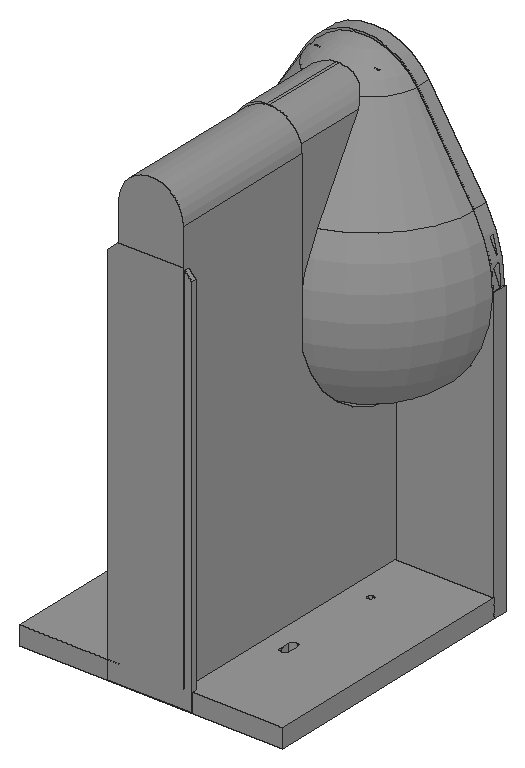
Revit family "Toilet-Willoughby-1490-ASETWS-FM-FA-BS", category Plumbing Fixtures, Revit 2015
Parameters (values of type "Standard")
  Waste DIA = 2 3/8"
  Waste Connection = yes
  W-RAD [instance] = Waste DIA / 2  # 0' - 1 3/16"
  Vent Connection = no
  URL = "https://www.willoughby-ind.com/wp-content/uploads/2018/01/ASETWS-1490-FM-FA.pdf"
  Type Comments = ""
  Revision = "A"
  Model = "ASETWS-1490-FM-FA-BS"
  Manufacturer = "Willoughby Industries"
  HW Connection = no
  Flush inlet DIA = 1 1/2"
  Flush Inlet Connection = yes
  Fixture Body = Stainless Steel AISI 304-Willoughby
  F-RAD [instance] = Flush inlet DIA / 2  # 0' - 0 3/4"
  Description = "Ligature resistant, Wall Outlet, Floor Mounted siphon jet Toilet, Front Access, Back Spud"
  Default Elevation = 0' - 0"
  Contact Number = "(800) 428-4065"
  CW Connection = no
Reference planes (in)
  plane 1 "Base": y = -16.25
  plane 2: z = 0
  plane 3 "Center": x = 18.31072
  plane 4 "ref": y = -4.75
  plane 5: y = -1.25
  plane 6: z = -6.75
  plane 7: y = -2.125
  plane 8: y = -14.0625
  plane 9: y = 0.5
  plane 10: x = 16.56072
  plane 11: x = 20.06072
  plane 12: x = 11.56072
  plane 13: x = 25.06072
  plane 14: z = -3
  plane 15: z = 25
  plane 16 "Waste HGT": y = -10.75
  plane 17: y = -3.125
Forms (in)
  Extrusion 1, solid, material "Stainless Steel AISI 304-Willoughby" <- "Fixture Body"
    sketch origin (16.08109, 7.47968, -7.1422) x (-1, 0, 0) y (0, 0, -1)
      loop
        line (4.79775, -22.86304) -> (4.83287, -22.86304) -> (4.83287, -7.1422) -> (-2.22963, -7.1422) -> (-9.29213, -7.1422) -> (-9.29213, -22.86304) -> (-9.20225, -22.86304)
        arc (-9.20225, -22.86304) -> (-8.94967, -24.72647) -> (-8.21015, -26.45542) r 7
        line (-8.21015, -26.45542) -> (-5.16818, -31.31054)
        arc (-5.16818, -31.31054) -> (-2.20225, -32.95225) -> (0.76368, -31.31054) r 3.5
        line (0.76368, -31.31054) -> (3.80565, -26.45542)
        arc (3.80565, -26.45542) -> (4.54517, -24.72647) -> (4.79775, -22.86304) r 7
      loop
        arc (2.03989, -24.70557) -> (-2.20225, -18.23804) -> (-6.44438, -24.70557) r 4.625
        line (-6.44438, -24.70557) -> (-4.04125, -30.23842)
        arc (-4.04125, -30.23842) -> (-2.20225, -31.45225) -> (-0.36324, -30.23842) r 2
        line (-0.36324, -30.23842) -> (2.03989, -24.70557)
    from 8.72968 to 9.5
  Revolve 2, solid, material "Stainless Steel AISI 304-Willoughby" <- "Fixture Body"
    sketch origin (19.37246, -1.52032, -3.93826) x (-1, 0, 0) y (0, 0, -1)
      loop
        line (1.06174, -12.59906) -> (1.06174, -12.84906)
        arc (1.06174, -12.84906) -> (6.96784, -16.33096) -> (6.78077, -23.18447) r 6.75
        line (6.78077, -23.18447) -> (3.81535, -27.91457)
        arc (3.81535, -27.91457) -> (2.63527, -29.03194) -> (1.06174, -29.43826) r 3.25
        line (1.06174, -29.43826) -> (1.06174, -29.68826)
        arc (1.06174, -29.68826) -> (2.75672, -29.25045) -> (4.02767, -28.04656) r 3.5
        line (4.02767, -28.04656) -> (7.06964, -23.19143)
        arc (7.06964, -23.19143) -> (7.15052, -16.14555) -> (1.06174, -12.59906) r 7
      axis (1.06174, -12.59906) -> (1.06174, -29.68826)
    angle from 0 to -180
  Extrusion 3, solid, material "Stainless Steel AISI 304-Willoughby" <- "Fixture Body"
    sketch origin (19.53334, -3.02032, -4.9508) x (0, 1, 0) y (0, 0, 1)
      loop
        line (-5.27082, 4.9508) -> (1, 4.9508) -> (1, 13.76086)
        arc (1, 13.76086) -> (-2.93256, 15.26109) -> (-5.27082, 18.76086) r 6.92744
        line (-5.27082, 18.76086) -> (-5.27082, 4.9508)
    from 0.52738 to -2.97262
  Extrusion 4, solid, material "Stainless Steel AISI 304-Willoughby" <- "Fixture Body"
    sketch origin (0, 8.59309, -3) x (1, 0, 0) y (0, 1, 0)
      loop
        circle (18.31072, -19.34309) r 1.1875
    from 5.5 to 0
  Extrusion 5, solid, material "Stainless Steel AISI 304-Willoughby" <- "Fixture Body"
    sketch origin (0, -3.625, 0) x (1, 0, 0) y (0, 1, 0)
      loop
        circle (18.31072, 0.5) r 0.75
    from 0 to 1
  Extrusion 6, solid, material "Stainless Steel AISI 304-Willoughby" <- "Fixture Body"
    sketch origin (0, -16.25, 0) x (1, 0, 0) y (0, 0, 1)
      loop
        line (11.24822, 0) -> (25.37322, 0) -> (25.37322, 0.99998) -> (11.24822, 0.99998) -> (11.24822, 0)
    from -14.22968 to 0
  Extrusion 7, solid, material "Stainless Steel AISI 304-Willoughby" <- "Fixture Body"
    sketch origin (0, -16.25, 0) x (1, 0, 0) y (0, 0, 1)
      loop
        line (20.06072, 0) -> (20.06072, 23.28412)
        arc (20.06072, 23.28412) -> (18.31072, 25.03412) -> (16.56072, 23.28412) r 1.75
        line (16.56072, 23.28412) -> (16.56072, 0) -> (20.06072, 0)
    from 0 to -7.95886
  Extrusion 8, solid, material "Stainless Steel AISI 304-Willoughby" <- "Fixture Body"
    sketch origin (-0.06578, -16.25, 7) x (1, 0, 0) y (0, 0, 1)
      loop
        line (20.06072, -7) -> (20.56072, -7) -> (20.56072, 13.75) -> (20.06072, 14.25) -> (16.56072, 14.25) -> (16.06072, 13.75) -> (16.06072, -7) -> (16.56072, -7) -> (20.06072, -7)
    from 0 to -0.25
  Extrusion 9, solid, material "Stainless Steel AISI 304-Willoughby" <- "Fixture Body"
    sketch origin (18.31072, 0, 0) x (0, 1, 0) y (0, 0, 1)
      loop
        line (-3.0438, 25.03193) -> (-8.29114, 25.03193) -> (-8.29114, 16.73622)
        arc (-8.29114, 16.73622) -> (-8.25839, 17.11069) -> (-8.16113, 17.47379) r 2.15729
        arc (-8.16113, 17.47379) -> (-7.78826, 18.37428) -> (-7.33828, 19.23882) r 11.16687
        arc (-7.33828, 19.23882) -> (-5.85557, 21.70663) -> (-4.28753, 24.12112) r 82.3759
        arc (-4.28753, 24.12112) -> (-3.71235, 24.64027) -> (-3.0438, 25.03193) r 3.79911
    from 1.75 to -1.75
  Extrusion 10, void
    sketch origin (0, -16.25, 0) x (1, 0, 0) y (0, 0, 1)
      loop
        arc (16.43207, 23.28193) -> (16.94463, 24.51936) -> (18.18207, 25.03193) r 1.75
        line (18.18207, 25.03193) -> (16.43207, 25.03193) -> (16.43207, 23.28193)
    from -7.95886 to -13.18331
  Extrusion 11, void
    sketch origin (0, -16.25, 0) x (1, 0, 0) y (0, 0, 1)
      loop
        arc (18.34313, 25.03193) -> (19.49966, 24.59853) -> (20.12234, 23.53193) r 1.84176
        line (20.12234, 23.53193) -> (20.12234, 25.03193) -> (18.34313, 25.03193)
    from -7.95886 to -13.18919
  Extrusion 12, void
    sketch origin (0, 0, 0) x (1, 0, 0) y (0, 1, 0)
      loop
        line (21.06072, -10.5) -> (21.06072, -11)
        arc (21.06072, -11) -> (21.31072, -11.25) -> (21.56072, -11) r 0.25
        line (21.56072, -11) -> (21.56072, -10.5)
        arc (21.56072, -10.5) -> (21.31072, -10.25) -> (21.06072, -10.5) r 0.25
      loop
        circle (21.31072, -5.25) r 0.15625
      loop
        arc (15.56072, -10.5) -> (15.31072, -10.25) -> (15.06072, -10.5) r 0.25
        line (15.06072, -10.5) -> (15.06072, -11)
        arc (15.06072, -11) -> (15.31072, -11.25) -> (15.56072, -11) r 0.25
        line (15.56072, -11) -> (15.56072, -10.5)
      loop
        circle (15.31072, -5.25) r 0.15625
    from 0 to 1
Cuts and joins
  Extrusion 12 cuts Extrusion 3
  Extrusion 12 cuts Extrusion 6
  Extrusion 12 cuts Extrusion 7
  joined: Extrusion 3, Extrusion 6, Extrusion 7
  Extrusion 10, Extrusion 11 cuts Extrusion 9
Lines and regions (in)
  symbolic lines
    curve 1: line (13.81072, -16.25, 0) -> (13.81072, -1.25, 0)
    curve 2: line (22.81072, -16.25, 0) -> (22.81072, -1.25, 0)
    curve 3: line (13.81072, -16.25, 0) -> (22.81072, -16.25, 0)
    curve 4: line (11.28334, -2.02032, 0) -> (11.28334, -1.25, 0)
    curve 5: line (11.28334, -1.25, 0) -> (25.28334, -1.25, 0)
    curve 6: line (25.28334, -1.25, 0) -> (25.28334, -2.02032, 0)
    curve 7: line (14.78334, -1.25, 0) -> (14.78334, 1.75, 0)
    curve 8: line (14.78334, 1.75, 0) -> (21.81072, 1.75, 0)
    curve 9: line (21.81072, 1.75, 0) -> (21.81072, -1.25, 0)
    curve 10: arc (25.28334, -2.02032, 0) -> (23.08185, -6.64916, 0) -> (18.31072, -8.52239, 0) r 6.97293
    curve 11: arc (18.31072, -8.52239, 0) -> (13.52793, -6.64299, 0) -> (11.28334, -2.02032, 0) r 7.06571
    curve 12: line (16.56072, -8.2982, 0) -> (16.56072, -16.25, 0)
    curve 13: line (20.06072, -16.25, 0) -> (20.06072, -8.30327, 0)
    curve 18: line (13.81072, -16.25, 0) -> (22.81072, -16.25, 0)
    curve 19: line (22.81072, -16.25, 0) -> (22.81072, -16.25, 1)
    curve 20: line (22.81072, -16.25, 1) -> (21.81072, -16.25, 1)
    curve 21: line (21.81072, -16.25, 0) -> (21.81072, -16.25, 9.67456)
    curve 22: line (14.78334, -16.25, 0) -> (14.78334, -16.25, 9.65867)
    curve 23: line (14.78334, -16.25, 1) -> (13.81072, -16.25, 1)
    curve 24: line (13.81072, -16.25, 1) -> (13.81072, -16.25, 0)
    curve 25: line (21.81072, -16.25, 5) -> (14.78334, -16.25, 5)
    curve 26: arc (21.81072, -16.25, 9.67456) -> (25.06245, -16.25, 13.97624) -> (24.29124, -16.25, 19.31322) r 7
    curve 27: line (24.29124, -16.25, 19.31322) -> (21.24927, -16.25, 24.16835)
    curve 28: arc (21.24927, -16.25, 24.16835) -> (19.98923, -16.25, 25.34792) -> (18.31072, -16.25, 25.75) r 3.37397
    curve 29: arc (18.31072, -16.25, 25.75) -> (16.62783, -16.25, 25.31163) -> (15.31741, -16.25, 24.16835) r 3.79331
    curve 30: line (15.31741, -16.25, 24.16835) -> (12.35249, -16.25, 19.43905)
    curve 31: arc (12.35249, -16.25, 19.43905) -> (11.49002, -16.25, 14.03241) -> (14.78334, -16.25, 9.65867) r 7
    curve 37: line (18.31072, -8.45513, 16.43593) -> (18.31072, -16.25, 16.43593)
    curve 38: line (18.31072, -16.25, 16.43593) -> (18.31072, -16.25, 0)
    curve 39: line (18.31072, -16.25, 0) -> (18.31072, 1.75, 0)
    curve 40: line (18.31072, -1.25, 5) -> (18.31072, -1.25, 25.81005)
    curve 41: line (18.31072, -1.25, 25.81005) -> (18.31072, -2.02032, 25.81005)
    curve 42: arc (18.31072, -2.02032, 25.81005) -> (18.31072, -3.17426, 25.3587) -> (18.31072, -4.14211, 24.58504) r 4.1253
    curve 43: line (18.31072, -4.14211, 24.58504) -> (18.31072, -7.52822, 19.25317)
    curve 44: arc (18.31072, -7.52822, 19.25317) -> (18.31072, -8.16721, 17.9023) -> (18.31072, -8.45513, 16.43593) r 6.04234
    curve 45: arc (18.31072, -8.45513, 16.43593) -> (18.31072, -8.2983, 15.12766) -> (18.31072, -8.29114, 13.81005) r 11.57712
    curve 46: arc (18.31072, -8.29114, 13.81005) -> (18.31072, -5.95289, 10.31029) -> (18.31072, -2.02032, 8.81005) r 6.92744
    curve 47: line (18.31072, -1.25, 9.65867) -> (18.31072, -2.02032, 9.65867)
    curve 48: line (18.31072, -2.02032, 9.65867) -> (18.31072, -2.02032, 1)
    curve 49: line (18.31072, -2.02032, 1) -> (18.31072, -16.25, 1)
  symbolic lines, detail levels medium+fine
    curve 14: line (20.06072, -16, 0) -> (20.56072, -16, 0)
    curve 15: line (20.56072, -16, 0) -> (20.56072, -16.25, 0)
    curve 16: line (16.56072, -16, 0) -> (16.06072, -16, 0)
    curve 17: line (16.06072, -16, 0) -> (16.06072, -16.25, 0)
  symbolic lines, detail levels fine
    curve 32: arc (14.0412, -16.25, 17.56337) -> (18.28334, -16.25, 11.09585) -> (22.52547, -16.25, 17.56337) r 4.625
    curve 33: line (22.52547, -16.25, 17.56337) -> (20.12234, -16.25, 23.09622)
    curve 34: arc (20.12234, -16.25, 23.09622) -> (19.38317, -16.25, 23.97635) -> (18.28334, -16.25, 24.31005) r 2.01767
    curve 35: arc (18.28334, -16.25, 24.31005) -> (17.17969, -16.25, 23.98213) -> (16.44433, -16.25, 23.09622) r 1.9827
    curve 36: line (16.44433, -16.25, 23.09622) -> (14.0412, -16.25, 17.56337)
Dimensions and locks (in)
  locked: plane 1 "Base" to plane 4 "ref" at 11.5
  locked: plane 1 "Base" to plane 5 at 15
  locked: plane 1 "Base" to plane 9 at 16.75
  plane 15 to level = 2' - 1"
  plane 5 to plane 1 "Base" = 1' - 3"
  "W-RAD": radius of Extrusion 4 sketch curve
  "F-RAD": radius of Extrusion 5 sketch curve
  aligned and locked: plane 3 "Center" to Extrusion 4 sketch curve
  aligned and locked: plane 3 "Center" to Extrusion 5 sketch curve
Automatic sketch dimensions
  plane 5 to curve 5 = 0' - 0"
  plane 1 "Base" to curve 3 = 0' - 0"
  curve 16 to plane 10 = 0' - 0"
  curve 11 to plane 3 "Center" = 0' - 0"
  curve 10 to plane 3 "Center" = 0' - 0"
  curve 13 to plane 11 = 0' - 0"
  curve 16 to plane 1 "Base" = 0' - 0 1/4"
  curve 16 to plane 10 = 0' - 0 1/2"
  curve 8 to plane 10 = 0' - 1.77738"
  curve 1 to curve 17 = 0' - 2 1/4"
  plane 7 to curve 4 = 0' - 0.10468"
  curve 4 to plane 12 = 0' - 0.27738"
  plane 3 "Center" to curve 10 = 0' - 0 1/64"
  plane 3 "Center" to curve 11 = 0' - 0.01581"
  curve 14 to curve 14 = 0' - 0 1/2"
  plane 11 to curve 8 = 0' - 1 3/4"
  curve 3 to plane 13 = 0' - 2 1/4"
  curve 2 to curve 5 = 0' - 2.47262"
  curve 15 to curve 14 = 0' - 0 1/4"
  plane 7 to curve 6 = 0' - 0.10468"
  curve 8 to plane 9 = 0' - 1 1/4"
  curve 38 to plane 1 "Base" = 0' - 0"
  curve 40 to plane 5 = 0' - 0"
  plane 1 "Base" to curve 45 = 0' - 3.6029"
  plane 4 "ref" to curve 37 = 0' - 3.70513"
  plane 4 "ref" to curve 43 = 0' - 2.77822"
  curve 43 to plane 4 "ref" = 0' - 0.60789"
  curve 44 to plane 7 = 0' - 0.30255"
  plane 7 to curve 48 = 0' - 0.10468"
  plane 7 to curve 41 = 0' - 0.10468"
  plane 5 to curve 46 = 0' - 0.38413"
  curve 42 to plane 5 = 0' - 0.13839"
  level to curve 49 = 0' - 1"
  curve 45 to plane 15 = 0' - 10.59394"
  curve 47 to curve 46 = 0' - 6.06805"
  curve 46 to curve 44 = 0' - 0.28717"
  curve 45 to curve 38 = 0' - 2.02987"
  curve 42 to plane 15 = 0' - 3.21392"
  curve 43 to plane 15 = 0' - 0.41496"
  curve 45 to curve 46 = 0' - 0.16399"
  curve 26 to curve 31 = 0' - 0"  (x2)
  curve 26 to curve 32 = 0' - 0"  (x2)
  curve 31 to curve 32 = 0' - 0"  (x2)
  curve 24 to level = 0' - 0"
  curve 28 to plane 3 "Center" = 0' - 0"
  curve 29 to plane 3 "Center" = 0' - 0"
  curve 32 to plane 3 "Center" = 0' - 0.02738"
  curve 35 to plane 3 "Center" = 0' - 0.03882"
  curve 34 to curve 35 = 0' - 0.0002"
  curve 36 to plane 10 = 0' - 0.11639"
  curve 30 to plane 10 = 0' - 1.24331"
  curve 22 to plane 10 = 0' - 1.77738"
  plane 12 to curve 36 = 0' - 2 123/256"
  curve 18 to curve 22 = 0' - 0.97262"
  plane 12 to curve 30 = 0' - 0.79177"
  plane 3 "Center" to curve 28 = 0' - 0.07942"
  plane 3 "Center" to curve 29 = 0' - 0.08929"
  plane 11 to curve 33 = 0' - 0.06162"
  curve 27 to plane 15 = 0' - 0.83165"
  plane 11 to curve 27 = 0' - 1.18855"
  plane 11 to curve 21 = 0' - 1 3/4"
  plane 11 to curve 33 = 0' - 2.46475"
  curve 20 to curve 19 = 0' - 1"
  curve 27 to plane 13 = 0' - 0.76948"
  curve 18 to curve 19 = 0' - 1"
  curve 18 to curve 24 = 0' - 1"
  curve 23 to curve 22 = 0' - 8.65867"
  curve 22 to curve 21 = 0' - 0.01589"
  curve 22 to curve 31 = 0' - 6.06218"
  curve 36 to curve 30 = 0' - 1.87568"
  curve 29 to plane 15 = 0' - 3.04226"
  curve 34 to curve 28 = 0' - 0.08455"
  curve 34 to curve 35 = 0' - 0.03496"
  curve 36 to curve 29 = 0' - 1.07212"
  curve 33 to curve 27 = 0' - 1.07212"
  curve 20 to curve 25 = 0' - 4"
  Revolve 2 sketch curve to Revolve 2 sketch curve = 0' - 0"  (x2)
  Revolve 2 sketch curve to plane 3 "Center" = 0' - 0"  (x3)
  plane 3 "Center" to Revolve 2 sketch curve = 0' - 0"
  Revolve 2 sketch curve to plane 10 = 0' - 1.00361"
  Revolve 2 sketch curve to plane 15 = 0' - 0.8917"
  Revolve 2 sketch curve to Revolve 2 sketch curve = 0' - 0.21232"
  plane 12 to Revolve 2 sketch curve = 0' - 1.03097"
  Revolve 2 sketch curve to Revolve 2 sketch curve = 0' - 0.28887"
  plane 15 to Revolve 2 sketch curve = 0' - 0 1/2"
  Revolve 2 sketch curve to Revolve 2 sketch curve = 0' - 0 1/4"
  Revolve 2 sketch curve to Revolve 2 sketch curve = 0' - 0.13199"
  Revolve 2 sketch curve to Revolve 2 sketch curve = 0' - 4.85513"
  Revolve 2 sketch curve to Revolve 2 sketch curve = 0' - 0.00696"
  Revolve 2 sketch curve to Revolve 2 sketch curve = 0' - 6.5892"
  Revolve 2 sketch curve to Revolve 2 sketch curve = 0' - 3 1/4"
  Revolve 2 sketch curve to Revolve 2 sketch curve = 0' - 2.4108"
  Extrusion 3 sketch curve to level = 0' - 0"
  plane 4 "ref" to Extrusion 3 sketch curve = 0' - 3.54114"
  plane 7 to Extrusion 3 sketch curve = 0' - 0.10468"
  plane 5 to Extrusion 3 sketch curve = 0' - 0.38413"
  Extrusion 3 sketch curve to Extrusion 3 sketch curve = 0' - 8.81005"
  Extrusion 3 sketch curve to Extrusion 3 sketch curve = 0' - 5"
  Extrusion 7 sketch curve to level = 0' - 0"
  Extrusion 7 sketch curve to plane 10 = 0' - 0"
  Extrusion 7 sketch curve to plane 3 "Center" = 0' - 0"
  Extrusion 7 sketch curve to plane 15 = 0' - 1.71588"
  Extrusion 8 sketch curve to level = 0' - 0"
  Extrusion 8 sketch curve to plane 10 = 0' - 0.56578"
  Extrusion 8 sketch curve to plane 10 = 0' - 0.06578"  (x2)
  Extrusion 8 sketch curve to plane 11 = 0' - 0.06578"  (x2)
  plane 11 to Extrusion 8 sketch curve = 0' - 0.43422"
  Extrusion 8 sketch curve to plane 15 = 0' - 4 1/4"  (x2)
  Extrusion 8 sketch curve to Extrusion 8 sketch curve = 0' - 0 1/2"
  plane 15 to Extrusion 9 sketch curve = 0' - 0.03193"
  plane 4 "ref" to Extrusion 9 sketch curve = 0' - 3.54114"
  plane 4 "ref" to Extrusion 9 sketch curve = 0' - 1.38385"
  Extrusion 9 sketch curve to plane 7 = 0' - 0.9188"
  plane 5 to Extrusion 9 sketch curve = 0' - 0.21771"
  Extrusion 9 sketch curve to plane 9 = 0' - 1.83279"
  Extrusion 9 sketch curve to plane 6 = 1' - 3.19552"
  Extrusion 9 sketch curve to plane 9 = 5' - 3.50343"
  Extrusion 9 sketch curve to plane 15 = 0' - 11.34412"
  Extrusion 9 sketch curve to plane 15 = 0' - 8.26378"
  Extrusion 9 sketch curve to plane 15 = 0' - 3.42484"
  Extrusion 9 sketch curve to Extrusion 9 sketch curve = 0' - 0"  (x2)
  plane 15 to Extrusion 10 sketch curve = 0' - 0.03193"
  Extrusion 10 sketch curve to plane 10 = 0' - 0.12865"
  Extrusion 10 sketch curve to plane 3 "Center" = 0' - 0.12865"
  plane 3 "Center" to Extrusion 11 sketch curve = 0' - 0.0018"
  plane 15 to Extrusion 11 sketch curve = 0' - 0.03193"
  plane 11 to Extrusion 11 sketch curve = 0' - 0.06162"
  plane 3 "Center" to Extrusion 11 sketch curve = 0' - 0.03241"
  Extrusion 11 sketch curve to plane 15 = 0' - 1.46807"
  curve 39 to level = 0' - 0"
  curve 39 to plane 9 = 0' - 1 1/4"
  curve 48 to curve 40 = 0' - 4"
  curve 40 to curve 47 = 0' - 4.65867"
  Extrusion 4 sketch curve to plane 16 "Waste HGT" = 0' - 0"
  Extrusion 5 sketch curve to plane 17 = 0' - 0"
  Extrusion 1 sketch curve to Extrusion 1 sketch curve = 0' - 0"  (x6)
  Extrusion 1 sketch curve to level = 0' - 0"
  Extrusion 1 sketch curve to plane 3 "Center" = 0' - 0"
  plane 11 to Extrusion 1 sketch curve = 0' - 0.06162"
  plane 11 to Extrusion 1 sketch curve = 0' - 1.18855"
  plane 11 to Extrusion 1 sketch curve = 0' - 2.46475"
  Extrusion 1 sketch curve to plane 13 = 0' - 0.76948"
  plane 13 to Extrusion 1 sketch curve = 0' - 0 5/16"
  Extrusion 1 sketch curve to plane 3 "Center" = 0' - 0.02738"  (x2)
  Extrusion 1 sketch curve to plane 10 = 0' - 0.11639"
  Extrusion 1 sketch curve to plane 15 = 0' - 0.83165"
  Extrusion 1 sketch curve to plane 10 = 0' - 1.24331"
  plane 12 to Extrusion 1 sketch curve = 0' - 0.71472"
  Extrusion 1 sketch curve to plane 12 = 0' - 0 5/16"
  Extrusion 1 sketch curve to Extrusion 1 sketch curve = 0' - 1.07212"
  Extrusion 1 sketch curve to Extrusion 1 sketch curve = 0' - 0.78617"
  Extrusion 1 sketch curve to Extrusion 1 sketch curve = 0' - 3.783"
  Extrusion 1 sketch curve to Extrusion 1 sketch curve = 0' - 1.74985"
  Extrusion 1 sketch curve to Extrusion 1 sketch curve = 0' - 1.84253"  (x2)
  Extrusion 1 sketch curve to plane 10 = 0' - 5.27738"
  Extrusion 6 sketch curve to level = 0' - 0"
  Extrusion 6 sketch curve to plane 12 = 0' - 0 5/16"
  plane 13 to Extrusion 6 sketch curve = 0' - 0 5/16"
  level to Extrusion 6 sketch curve = 0' - 0.99998"
  plane 16 "Waste HGT" to Extrusion 12 sketch curve = 0' - 0 1/4"  (x2)
  Extrusion 12 sketch curve to plane 10 = 0' - 1"
  Extrusion 12 sketch curve to Extrusion 12 sketch curve = 0' - 0 1/4"  (x2)
  plane 4 "ref" to Extrusion 12 sketch curve = 0' - 0 1/2"  (x2)
  Extrusion 12 sketch curve to plane 10 = 0' - 1 1/4"
  plane 11 to Extrusion 12 sketch curve = 0' - 1"
  Extrusion 12 sketch curve to plane 16 "Waste HGT" = 0' - 0 1/4"  (x2)
  plane 11 to Extrusion 12 sketch curve = 0' - 1 1/4"
  radius of Extrusion 12 sketch curve = 0' - 0 5/32"  (x2)
Connectors (in)
  piping at (18.31072, -10.75, -3), diameter 2.375, driven by "W-RAD", driven by "Waste Connection"
    settings: on Extrusion 4, index 1, connector inside diameter 2 1/2", connector length 0' - 0", flow factor 0, pipe flow 0 GPM, pressure drop 0.00 psi, fitting loss kfactor 0, connector angle 0.00°, fixture units 0, engagement length 0' - 0", angle of deflection 0.00°, flow configuration 0, flow direction 2, fitting loss method 0, system type 16, joint type 0, gender type 0, connector reference index -1, connector utility 1, adjustable connector yes, is connector primary yes, connector description "Toilet Waste"
  piping at (18.31072, -3.125, 1), diameter 1.5, driven by "F-RAD", driven by "Flush Inlet Connection"
    settings: on Extrusion 5, index 2, connector inside diameter 1 1/2", connector length 0' - 0", flow factor 0, pipe flow 0 GPM, pressure drop 0.00 psi, fitting loss kfactor 0, connector angle 0.00°, fixture units 0, engagement length 0' - 0", angle of deflection 0.00°, flow configuration 0, flow direction 1, fitting loss method 0, system type 20, joint type 0, gender type 0, connector reference index -1, connector utility 1, adjustable connector no, is connector primary no, connector description "Flush Inlet"
